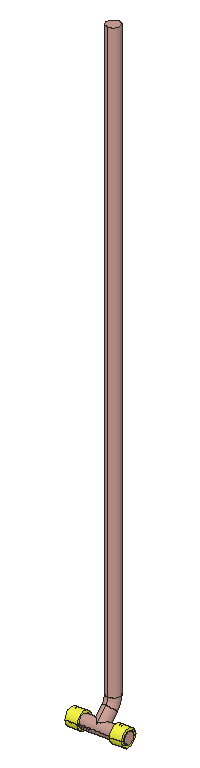
Revit family "Weser_T-образная трубка для подключения радиатора", category Соединительные детали трубопроводов, Revit 2020
Family settings
  Размер круглого соединителя = Использовать диаметр
  Тип детали = Соединение
  На основе рабочей плоскости = Нет
  Всегда вертикально = Да
  При загрузке вырезать с полостями = Нет
  Общий = Нет
Parameters (values of type "Т-трубка")
  Default Elevation = 0 mm
  Description = ""
  Assembly Code = ""
  Manufacturer = ""
  Глубина = 20 mm
  WSR_D2 = 16 mm
  WSR_D1 = 16 mm
  URL = "https://www.weser.ru/about/documentation/"
  Z1 = 40 mm
  LT = "Weser_T-образная трубка для подключения радиатора(Наименование)"
  L2 [instance] = size_lookup(LT, "L", L, WSR_D1, WSR_D2, L)  # 770 mm
  L1 = 69 mm
  L = 770 mm
  Dn [instance] = if(WSR_D1 > WSR_D2, WSR_D1, WSR_D2)  # 16 mm
  C2 [instance] = size_lookup(LT, "C2", WSR_D2 - 3 mm, WSR_D1, WSR_D2)  # 15.5 mm
  C1 [instance] = size_lookup(LT, "C1", WSR_D1 - 3 mm, WSR_D1, WSR_D2)  # 15.5 mm
  ADSK_Наименование краткое [instance] = "Монтажная трубка проходная"  # constant formula
  ADSK_Наименование [instance] = size_lookup(LT, "", "не найдено", WSR_D1, WSR_D2, L)  # "T-образная трубка для подключения радиатора хромированная латунь 16x15x16-770"
  ADSK_Материал = Медь
  ADSK_Масса [instance] = 0
  ADSK_Марка = "WESERpex"  # constant formula
  ADSK_Код изделия [instance] = size_lookup(LT, "art", "не найдено", WSR_D1, WSR_D2, L)  # "520252"
  ADSK_Завод-изготовитель = "Weser"  # constant formula
  ADSK_Единица измерения = "шт."  # constant formula
  ADSK_Группирование [instance] = ""
  ADSK_URL страницы изделия [instance] = ""
  ADSK_URL документации изделия [instance] = ""
  A2 = size_lookup(LT, "A2", WSR_D2, WSR_D1, WSR_D2)  # 13.5 mm
  A1 = size_lookup(LT, "A1", WSR_D1, WSR_D1, WSR_D2)  # 13.5 mm
Reference planes
  plane 1 "По центру (Вперед/Назад)": y = 0
  plane 2: z = 0
  plane 3 "По центру (Влево/Вправо)": x = 0
  plane 4: x = -35.5
  plane 5: x = -20
  plane 6: x = 35.5
  plane 7: x = 20
  plane 8: z = 770
  plane 9: y = 20
  plane 10: z = 25.658
Forms (mm)
  Extrusion 1, solid, material "Медь" <- "ADSK_Материал", detail levels fine
    sketch origin (0, 0, 0) x (0, 1, 0) y (0, 0, -1)
      loop
        circle (0, 0) r 8
    from 20 to -20
  Extrusion 2, solid, material "Медь" <- "ADSK_Материал", detail levels fine
    sketch origin (5, 7.19, 1200) x (0, 1, 0) y (0, 0, 1)
      loop
        circle (-7.19, -1200) r 6.75
    from -5 to 30.5
  Sweep 3, solid, material "Медь" <- "ADSK_Материал", detail levels fine
    path origin (0, 0, 0) x (0, 1, 0) y (0, 0, 1)
      loop
        line (0, 0) -> (14.142, 14.142)
        arc (14.142, 14.142) -> (18.478, 20.631) -> (20, 28.284) r 20
        line (20, 28.284) -> (20, 770)
    profile origin (0, 7.071, 7.071) x (0, -0.707107, 0.707107) y (1, 0, 0)
      loop
        circle (0, 0) r 8
  Extrusion 4, solid, material "Медь" <- "ADSK_Материал", detail levels fine
    sketch origin (0, 0, 0) x (0, 1, 0) y (0, 0, 1)
      loop
        circle (0, 0) r 6.75
    from 0 to -35.5
Cuts and joins
  joined: Extrusion 1, Extrusion 2, Sweep 3
Lines and regions (mm)
  model lines, detail levels fine
    curve 1: line (-20, 0, 0) -> (5.5, 0, 0)
  model lines, detail levels coarse+medium
    curve 2: line (-35.5, 0, 0) -> (35.5, 0, 0)
    curve 3: line (0, 20, 770) -> (0, 20, 35.969)
    curve 4: line (0, 13.661, 17.525) -> (0, 0, 0)
    curve 5: arc (0, 13.661, 17.525) -> (0, 18.371, 26.218) -> (0, 20, 35.969) r 30
Dimensions and locks
  equal spacing: plane 5, plane 3 "По центру (Влево/Вправо)", plane 7
  "Z1": plane 5 to plane 7
  "L2": plane 8 to level
  "Глубина": plane 1 "По центру (Вперед/Назад)" to plane 9
  "C1": plane 4 to plane 5
  "C2": plane 7 to plane 6
  locked: plane 10 to level at 25.658
  "Dn": diameter of Extrusion 1 sketch curve
  "A1": diameter of Extrusion 2 sketch curve
  "WSR_D2": diameter of Sweep 3 sketch curve
  radius of Sweep 3 sketch curve = 20 mm
  "A2": diameter of Extrusion 4 sketch curve
  locked: level to Sweep 3 sketch curve (angle 45.00°)
  aligned and locked: level to plane 2
  aligned and locked: plane 1 "По центру (Вперед/Назад)" to curve 1
  aligned and locked: plane 1 "По центру (Вперед/Назад)" to nested 1  (x2)
  aligned and locked: plane 1 "По центру (Вперед/Назад)" to nested 2
  aligned and locked: plane 5 to nested 2
  aligned and locked: nested 3 to plane 7
  aligned and locked: Extrusion 1 to plane 5
  aligned and locked: Extrusion 1 to plane 7
  aligned and locked: Extrusion 2 to plane 6
  aligned and locked: level to Sweep 3 sketch curve
  aligned and locked: plane 8 to Sweep 3 sketch curve
  aligned and locked: plane 1 "По центру (Вперед/Назад)" to Sweep 3 sketch curve
  aligned and locked: Extrusion 2 to plane 3 "По центру (Влево/Вправо)"
  aligned and locked: Extrusion 4 to plane 4
  aligned and locked: plane 4 to curve 2
  aligned and locked: plane 6 to curve 2
  aligned and locked: plane 1 "По центру (Вперед/Назад)" to curve 2
  aligned and locked: plane 9 to curve 3
  aligned and locked: plane 8 to curve 3
Automatic sketch dimensions
  curve 1 to plane 5 = 0 mm
  plane 3 "По центру (Влево/Вправо)" to curve 1 = 5.5 mm
  curve 4 to level = 0 mm
  curve 4 to plane 1 "По центру (Вперед/Назад)" = 0 mm
  curve 4 to plane 9 = 6.339 mm
  curve 4 to plane 10 = 8.132 mm
  Extrusion 1 sketch curve to level = 0 mm
  Extrusion 1 sketch curve to plane 1 "По центру (Вперед/Назад)" = 0 mm
  Extrusion 2 sketch curve to level = 0 mm
  Extrusion 2 sketch curve to plane 1 "По центру (Вперед/Назад)" = 0 mm
  Sweep 3 sketch curve to plane 3 "По центру (Влево/Вправо)" = 0 mm
  Sweep 3 sketch curve to profile plane = 0 mm
  Extrusion 4 sketch curve to level = 0 mm
  Extrusion 4 sketch curve to plane 1 "По центру (Вперед/Назад)" = 0 mm
Nested families
  nested 1: "Фитинг_Weser_Гильза монтажная, латунь" at (20.5, 0, 0), ADSK_Диаметр условный <- "WSR_D2", ADSK_Группирование <- "ADSK_Группирование", type "Желтая", not visible, detail levels fine
    with Радиус Наружный 10.5 mm, Радиус Внутренний 8.4 mm, ADSK_Наименование "Гильза монтажная DN16", Длина 15 mm, Видимость yes, ADSK_Примечание "", ADSK_Масса_Текст "", ADSK_Код изделия "520029", ADSK_Диаметр условный 16 mm, ADSK_Группирование "", ADSK_URL страницы изделия "", ADSK_URL документации изделия ""
  nested 2: "Фитинг_Weser_Гильза монтажная, латунь" at (-35, 0, 0), ADSK_Диаметр условный <- "WSR_D2", type "Желтая"
    with Радиус Наружный 10.5 mm, Радиус Внутренний 8.4 mm, ADSK_Наименование "Гильза монтажная DN16", Длина 15 mm, Видимость yes, ADSK_Примечание "", ADSK_Масса_Текст "", ADSK_Код изделия "520029", ADSK_Диаметр условный 16 mm, ADSK_Группирование "", ADSK_URL страницы изделия "", ADSK_URL документации изделия ""
  nested 3: "Фитинг_Weser_Гильза монтажная, латунь" at (35, 0, 0) x (-1, 0, 0) z (0, 0, 1), ADSK_Диаметр условный <- "WSR_D1", type "Желтая"
    with Радиус Наружный 10.5 mm, Радиус Внутренний 8.4 mm, ADSK_Наименование "Гильза монтажная DN16", Длина 15 mm, Видимость yes, ADSK_Примечание "", ADSK_Масса_Текст "", ADSK_Код изделия "520029", ADSK_Диаметр условный 16 mm, ADSK_Группирование "", ADSK_URL страницы изделия "", ADSK_URL документации изделия ""
Connectors
  piping at (-20, 0, 0), diameter 16, driven by "WSR_D1"
    settings: on cut or joined group of Extrusion 1, Extrusion 2, Sweep 3, index 1, connector inside diameter 609.6 mm, connector length 0 mm, flow factor 0, pipe flow 0.0 L/s, pressure drop 0.0 Pa, fitting loss kfactor 0, connector angle 0.00°, fixture units 0, engagement length 0 mm, angle of deflection 0.00°, flow configuration 0, flow direction 0, fitting loss method 0, system type 29, joint type 0, gender type 0, connector reference index 2, connector utility 0, adjustable connector no, is connector primary yes, connector description ""
  piping at (20, 0, 0), diameter 16, driven by "WSR_D1"
    settings: on cut or joined group of Extrusion 1, Extrusion 2, Sweep 3, index 2, connector inside diameter 609.6 mm, connector length 0 mm, flow factor 0, pipe flow 0.0 L/s, pressure drop 0.0 Pa, fitting loss kfactor 0, connector angle 0.00°, fixture units 0, engagement length 0 mm, angle of deflection 0.00°, flow configuration 0, flow direction 0, fitting loss method 0, system type 29, joint type 0, gender type 0, connector reference index 1, connector utility 0, adjustable connector no, is connector primary no, connector description ""
  piping at (0, 20, 770), diameter 16, driven by "WSR_D2"
    settings: on cut or joined group of Extrusion 1, Extrusion 2, Sweep 3, index 3, connector inside diameter 609.6 mm, connector length 0 mm, flow factor 0, pipe flow 0.0 L/s, pressure drop 0.0 Pa, fitting loss kfactor 0, connector angle 90.00°, fixture units 0, engagement length 0 mm, angle of deflection 0.00°, flow configuration 0, flow direction 0, fitting loss method 0, system type 28, joint type 0, gender type 0, connector reference index -1, connector utility 0, adjustable connector no, is connector primary no, connector description ""
Definition of nested family "Фитинг_Weser_Гильза монтажная, латунь"
  Parameters (values of type "Желтая")
    Радиус Внутренний [instance] = size_lookup(Поиск в таблице имен, "Rv", ADSK_Диаметр условный / 1.9, ADSK_Диаметр условный)  # 16.4 mm
    Поиск в таблице имен 2 = "Фитинг_Weser_Гильза_монтажная_латунь(Код)"
    Default Elevation = 0 mm
    Материал = none
    Видимость [instance] = yes
    URL = ""
    Type Image = (empty or 0)
    Manufacturer = ""
    Поиск в таблице имен = "Фитинг_Weser_Гильза_монтажная_латунь(Наименование)"
    Длина [instance] = size_lookup(Поиск в таблице имен, "Length", ADSK_Диаметр условный, ADSK_Диаметр условный)  # 34 mm
    Радиус Наружный [instance] = size_lookup(Поиск в таблице имен, "Rn", ADSK_Диаметр условный / 1.5, ADSK_Диаметр условный)  # 19.5 mm
    Description = ""
    ADSK_Примечание [instance] = ""
    ADSK_Наименование краткое = ""
    ADSK_Наименование [instance] = size_lookup(Поиск в таблице имен, "", "Решение не найдено", ADSK_Диаметр условный)  # "Гильза монтажная DN32"
    ADSK_Масса_Текст [instance] = ""
    ADSK_Марка = ""
    ADSK_Код изделия [instance] = size_lookup(Поиск в таблице имен 2, "", "Решение не найдено", ADSK_Диаметр условный)  # "520032"
    ADSK_Завод-изготовитель = ""
    ADSK_Единица измерения = "шт."  # constant formula
    ADSK_Диаметр условный [instance] = 32 mm
    ADSK_Группирование [instance] = ""
    ADSK_URL страницы изделия [instance] = ""
    ADSK_URL документации изделия [instance] = ""
  Reference planes
    plane 1 "Center (Front/Back)": y = 0
    plane 2: z = 0
    plane 3 "Center (Left/Right)": x = 0
    plane 4: x = 34
    plane 5: y = 19.5
    plane 6: y = 50
    plane 7: y = 16.4
    plane 8: x = 5
  Forms (mm)
    Revolve 1, solid, material <- "Материал", visible <- "Видимость", detail levels fine
      sketch origin (0, 0, 0) x (1, 0, 0) y (0, 1, 0)
        loop
          line (0, 16.4) -> (34, 16.4) -> (34, 19.5) -> (0, 19.5) -> (0, 16.4)
        axis (34, 0) -> (0, 0)
      angle from 0 to 360
  Lines and regions (mm)
    reference lines
      curve 1: line (0, 0, 0) -> (34, 0, 0)
  Dimensions and locks
    "Длина": plane 3 "Center (Left/Right)" to plane 4
    "Радиус Наружный": plane 5 to plane 1 "Center (Front/Back)"
    locked: plane 6 to plane 1 "Center (Front/Back)" at 50
    "Радиус Внутренний": plane 7 to plane 1 "Center (Front/Back)"
    locked: plane 3 "Center (Left/Right)" to plane 8 at 5
    aligned and locked: level to plane 2
    aligned and locked: plane 4 to curve 1
    aligned and locked: plane 3 "Center (Left/Right)" to curve 1
    aligned and locked: plane 1 "Center (Front/Back)" to curve 1
    aligned and locked: plane 4 to Revolve 1 sketch curve
    aligned and locked: Revolve 1 sketch curve to plane 5
    aligned and locked: plane 3 "Center (Left/Right)" to Revolve 1 sketch curve
    aligned and locked: Revolve 1 sketch curve to plane 7
  Automatic sketch dimensions
    plane 1 "Center (Front/Back)" to Revolve 1 sketch curve = 0 mm
    Revolve 1 sketch curve to plane 3 "Center (Left/Right)" = 78.702 mm
    plane 4 to Revolve 1 sketch curve = 90.298 mm
